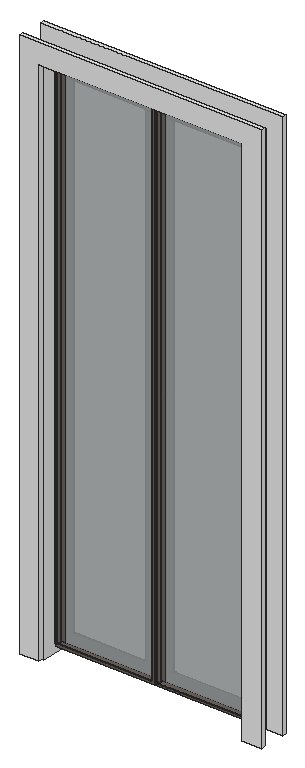
Revit family "Door_Pivot-Bifold_1Lite", category Doors, host Wall, Revit 2026
Family settings
  Host = Wall
  Classification Number = 23.30.10.17.17
  Always vertical = Yes
  Cut with Voids When Loaded = No
  Shared = No
  Room Calculation Point = No
Parameters (values of type "5401 Espresso")
  swingb = no
  swing = yes
  mirroredswingb = yes
  mirroredswing = no
  handlevisb = no
  handlevis = no
  Type Comments = "Confirm Opening Size Requirements"
  Standards Conformance = "Mirrored Doors conform to CGSB 12.5-M86 Type 3C and ANSI Z97.1-1984"
  Sound Transmission Class (STC) = 0
  Show Generic Cased Opening [instance] = yes
  RO Offset [instance] = 0' - 0 3/4"
  Panel Width [instance] = (Clear Opening Width) / 2  # 1' - 6"
  Panel Thickness = 0' - 1 3/16"
  Hardware = Metal - Chrome - Hardware
  Fold Width [instance] = (cos([3D Panel Swing Angle]) * Panel Width) * 2 + (0' 1 3/16" * sin([3D Panel Swing Angle])) * 2  # 3' - 0"
  Approx Panel Height [instance] = Clear Opening Height - 0' 0 3/4"  # 7' - 11 1/4"
  Minimum Width = 0' - 0"
  Maximum Width = 0' - 0"
  Locate Bottom Track Inset [instance] = 0' - 6 1/4"
  Generic Casing Finish [instance] = Metal - Renin - Steel White
  Function = Interior
  Frame Finish = Wood - Renin - Espresso
  Door Finish = Glass_Tempered_Frosted
  Door Design = Panel_1Lite : Panel_1Lite
  Clear Opening Width = 3' - 0"
  Clear Opening Height = 8' - 0"
  Warranty Duration (Years) = 0
  URL = "https://www.renin.com/"
  Thickness = 0' - 0"  # constant formula
  Test Data = ""
  Specification = ""
  SpecWizard = ""
  Send Message = ""
  Sales Information = "https://www.renin.com/contact-us/"
  Rough Width [instance] = (Clear Opening Width + (RO Offset * 2))  # 3' - 1 1/2"
  Rough Height [instance] = (Clear Opening Height + (RO Offset))  # 8' - 0 3/4"
  Product Properties = ""
  Product Data = "http://www.arcat.com/arcatcos/cos49/arc49687.html"
  Manufacturer Website = "https://www.renin.com/"
  Manufacturer Phone - Toll Free = ""
  Manufacturer Fax = "905-791-3813"
  Manufacturer Address = "110 Walker Dr.   Brampton, ON, Canada    L6T 4H6"
  Maintenance Schedule (Months) = 0
  Installation-Fabrication = ""
  Installation Phase = ""
  Green Building-LEED = ""
  Model = "5401 Espresso"
  Manufacturer = "Renin Corp"
  Keynote = "08 00 00"
  Height [instance] = 0' - 0"  # constant formula
  Wall Closure = By host
  Width [instance] = 0' - 0"  # constant formula
  Fire Rating = "As Specified"
  Expected Lifespan (Years) = 0
  Drawn By = "Sumex Design, Inc. / Robert S. Weygant, CSI, CDT, SCIP"  # constant formula
  Description = "Renin 2 Panel Steel Bifold Door - 4006 as Specified"
  Copyright = "©Arcat Inc. R1_2017-03"  # constant formula
  Construction Details = ""
  Building Codes = ""
  Available Options = ""
  Assembly Code = "C1020100"
  Analytic Construction = "<None>"
  Air Space Beneath Door [instance] = 0' - 1 1/4"
  AdjustFoldLocation [instance] = if([3D Panel Swing Angle] > 0.00°, 0' 0 3/8", 0' 0")  # 0' - 0"
  3D Panel Swing Angle [instance] = 0.00°
Types (2): name | Frame Finish | Model
  5401 Espresso | Wood - Renin - Espresso | "5401 Espresso"
  5401 Off-White | Metal - Renin - Off-White | "5401 Off-White"
Reference planes (in)
  plane 1 "Center (Front/Back)": y = -33.96225
  plane 2 "Center (Left/Right)": x = 34.28704
  plane 3: z = 0
  plane 4 "Right": x = 52.28704
  plane 5 "Left": x = 16.28704
  plane 6: z = 0
  plane 7 "Top of Frame": z = 96
  plane 8 "RO Top": z = 96.75
  plane 9 "RO Right": x = 53.03704
  plane 10 "RO Left": x = 15.53704
  plane 11 "EXT WALL FACE": y = -31.96225
  plane 12 "INT WALL FACE": y = -35.96225
  plane 13: z = 1.25
  plane 14: y = -32.21225
  plane 15: y = -32.39975
  plane 16: y = -25.96225
  plane 17: x = 16.28704
  plane 18: x = 52.28704
Forms (in)
  Sweep 1, solid, material "Metal - Renin - Steel White" <- "Generic Casing Finish", visible <- "Show Generic Cased Opening"
    path origin (0, -35.96225, 0) x (-1, 0, 0) y (0, 0, 1)
      loop
        line (-16.28704, 0) -> (-16.28704, 96) -> (-52.28704, 96) -> (-52.28704, 0)
    profile origin (16.28704, -35.96225, 48) x (1, 0, 0) y (0, 1, 0)
      loop
        line (0, 0) -> (0, 4) -> (-0.75, 4) -> (-0.75, 0) -> (0, 0)
  Sweep 2, solid, material "Metal - Renin - Steel White" <- "Generic Casing Finish", visible <- "Show Generic Cased Opening"
    path origin (0, -35.96225, 0) x (-1, 0, 0) y (0, 0, 1)
      loop
        line (-16.28704, 0) -> (-16.28704, 96) -> (-52.28704, 96) -> (-52.28704, 0)
    profile origin (16.28704, -35.96225, 48) x (1, 0, 0) y (0, 1, 0)
      loop
        line (-0.25, 4) -> (-0.25, 4.75) -> (-3.75, 4.75) -> (-3.75, 4) -> (-0.25, 4)
      loop
        line (-0.25, 0) -> (-3.75, 0) -> (-3.75, -0.75) -> (-0.25, -0.75) -> (-0.25, 0)
  Sweep 3, solid, material "Wood - Renin - Espresso" <- "Frame Finish"
    path origin (0, 0, 0) x (1, 0, 0) y (0, 1, 0)
      loop
        line (16.28704, -32.21225) -> (52.28704, -32.21225)
    profile origin (34.28704, -32.21225, 0) x (0, 1, 0) y (0, 0, 1)
      loop
        line (0, 96) -> (-1.0625, 96) -> (-1.0625, 95.6875)
        spline (-1.0625, 95.6875) -> (-1.0444, 95.63897) -> (-0.99133, 95.59375) -> (-0.9069, 95.55492) -> (-0.79687, 95.52512) -> (-0.66875, 95.50639) -> (-0.53125, 95.5) -> (-0.39375, 95.50639) -> (-0.26562, 95.52512) -> (-0.1556, 95.55492) -> (-0.07117, 95.59375) -> (-0.0181, 95.63897) -> (0, 95.6875)
        line (0, 95.6875) -> (0, 96)
Lines and regions (in)
  Opening 1
    outline origin (-109.33485, -35.96225, 0) x (1, 0, 0) y (0, 0, 1)
      loop
        line (124.87189, 0) -> (162.37189, 0) -> (162.37189, 96.75) -> (124.87189, 96.75) -> (124.87189, 0)
Text (in)
  text "Exterior" at (-73.77742, -16.66641, 0), in view "Plan"
  text "Interior" at (-73.77742, -50.14366, 0), in view "Plan"
  text "Exterior" at (0, -17.98638, 123.01588), in view "Right"
  text "Interior" at (0, -64.39139, 123.01588), in view "Right"
  text "Interior" at (0, -52.09468, 121.14095), in view "Left"
  text "Exterior" at (0, 26.35325, 123.00693), in view "Left"
Dimensions and locks (in)
  equal spacing: plane 4 "Right", plane 2 "Center (Left/Right)", plane 5 "Left"
  "Clear Opening Width": plane 5 "Left" to plane 4 "Right"
  "Clear Opening Height": level to plane 7 "Top of Frame"
  "RO Offset": plane 5 "Left" to plane 10 "RO Left"
  "RO Offset": plane 9 "RO Right" to plane 4 "Right"
  "RO Offset": plane 7 "Top of Frame" to plane 8 "RO Top"
  Sweep 2 sketch curve to plane 11 "EXT WALL FACE" to Sweep 2 sketch curve = 0' - 0 3/4" locked, 0' - 0" locked
  plane 12 "INT WALL FACE" to Sweep 2 sketch curve to Sweep 2 sketch curve = 0' - 0" locked, 0' - 0 3/4" locked
  Sweep 2 sketch curve to plane 10 "RO Left" to Sweep 2 sketch curve = 0' - 3" locked, 0' - 0 1/2" locked  (x2)
  "Air Space Beneath Door": plane 13 to level
  locked: plane 16 to plane 11 "EXT WALL FACE" at 6
  "Locate Bottom Track Inset": plane 16 to plane 14
  locked: plane 15 to plane 14 at 0.1875
  "AdjustFoldLocation": plane 5 "Left" to plane 17
  "Fold Width": plane 17 to plane 18
  plane 7 "Top of Frame" to Sweep 3 sketch curve to Sweep 3 sketch curve = 0' - 0 5/16" locked, 0' - 0" locked
  aligned and locked: host wall to plane 1 "Center (Front/Back)"
  aligned and locked: Opening 1 sketch curve to level
  aligned and locked: plane 9 "RO Right" to Opening 1 sketch curve
  aligned and locked: Opening 1 sketch curve to plane 8 "RO Top"
  aligned and locked: plane 10 "RO Left" to Opening 1 sketch curve
  aligned and locked: plane 12 "INT WALL FACE" to host wall
  aligned and locked: host wall to plane 11 "EXT WALL FACE"
  aligned and locked: plane 4 "Right" to Sweep 1 sketch curve
  aligned and locked: Sweep 1 sketch curve to plane 5 "Left"
  aligned and locked: Sweep 1 sketch curve to plane 7 "Top of Frame"
  aligned and locked: Sweep 1 sketch curve to plane 11 "EXT WALL FACE"
  aligned and locked: plane 12 "INT WALL FACE" to Sweep 1 sketch curve
  aligned and locked: plane 10 "RO Left" to Sweep 1 sketch curve
  aligned and locked: plane 5 "Left" to Sweep 1 sketch curve
  aligned and locked: plane 5 "Left" to Sweep 2 sketch curve
  aligned and locked: plane 7 "Top of Frame" to Sweep 2 sketch curve
  aligned and locked: Sweep 2 sketch curve to plane 4 "Right"
  aligned and locked: Sweep 3 sketch curve to plane 14
  aligned and locked: plane 4 "Right" to Sweep 3 sketch curve
  aligned and locked: plane 5 "Left" to Sweep 3 sketch curve
  aligned and locked: plane 15 to nested 1
  aligned and locked: nested 1 to plane 17
  aligned and locked: nested 2 to plane 15
  aligned and locked: plane 18 to nested 2
  aligned and locked: Sweep 3 sketch curve to plane 7 "Top of Frame"
Automatic sketch dimensions
  Sweep 1 sketch curve to level = 0' - 0"  (x2)
  Sweep 2 sketch curve to level = 0' - 0"  (x2)
  profile plane to Sweep 3 sketch curve = 0' - 1 1/16"
  Sweep 3 sketch curve to profile plane = 0' - 0"
Nested families (in)
  nested 1: "Panel_1Lite" at (16.28704, -32.39975, 0), Panel Width <- "Panel Width", Panel Rotation <- "3D Panel Swing Angle", Panel Finish <- "Door Finish", Frame Finish <- "Frame Finish", Air Space Under Panel <- "Air Space Beneath Door", Opening Height <- "Approx Panel Height", type <- "Door Design", Handle Visible <- "handlevis", Mirrored Swing Lines <- "mirroredswing", Swing Lines <- "swing", Hardware Material <- "Hardware", type "Panel_1Lite"
    with negpanelwidth -1' - 6", Swing Lines yes, Right Knob no, Panel Width 1' - 6", Panel Rotation 0.00°, Panel Height 7' - 0", Panel Finish Glass_Tempered_Frosted, Opening Height 7' - 11 1/4", Mirrored Swing Lines no, Left Knob yes, Hardware Material Metal - Chrome - Hardware, Handle Visible no, Frame Finish Wood - Renin - Espresso, Air Space Under Panel 0' - 1 1/4"
  nested 2: "Panel_1Lite" at (52.28704, -32.39975, 0) x (-1, 0, 0) z (0, 0, 1), Panel Width <- "Panel Width", Panel Rotation <- "3D Panel Swing Angle", Panel Finish <- "Door Finish", Frame Finish <- "Frame Finish", Air Space Under Panel <- "Air Space Beneath Door", Opening Height <- "Approx Panel Height", type <- "Door Design", Swing Lines <- "swingb", Mirrored Swing Lines <- "mirroredswingb", Handle Visible <- "handlevisb", Hardware Material <- "Hardware", type "Panel_1Lite"
    with negpanelwidth -1' - 6", Swing Lines no, Right Knob no, Panel Width 1' - 6", Panel Rotation 0.00°, Panel Height 7' - 0", Panel Finish Glass_Tempered_Frosted, Opening Height 7' - 11 1/4", Mirrored Swing Lines yes, Left Knob yes, Hardware Material Metal - Chrome - Hardware, Handle Visible no, Frame Finish Wood - Renin - Espresso, Air Space Under Panel 0' - 1 1/4"
Definition of nested family "Panel_1Lite"
  Parameters (values of type "Panel_1Lite")
    negpanelwidth [instance] = -(Panel Width)  # -1' - 8"
    Swing Lines [instance] = yes
    Right Knob [instance] = yes
    Panel Width [instance] = 1' - 8"
    Panel Thickness = 0' - 1 3/16"
    Panel Rotation [instance] = 0.00°
    Panel Height [instance] = 7' - 0"
    Panel Finish [instance] = none
    Opening Height [instance] = 7' - 0"
    Mirrored Swing Lines [instance] = yes
    Left Knob [instance] = yes
    Hardware Material [instance] = none
    Handle Visible [instance] = yes
    Default Elevation = 0' - 0"  # constant formula
    Frame Finish [instance] = none
    Analytic Construction = "<None>"
    Air Space Under Panel [instance] = 0' - 0 7/16"
  Reference planes (in)
    plane 1 "Center (Front/Back)": y = 0
    plane 2: z = 0
    plane 3 "Center (Left/Right)": x = 0
    plane 4: x = 20
    plane 5: z = 0.4375
    plane 6: z = 84
    plane 7 "Center": z = 42.21875
    plane 8: x = 18.75
    plane 9: x = 1.25
  Forms (in)
    Sweep 1, solid, material <- "Frame Finish"
      path origin (0, 0, 0) x (1, 0, 0) y (0, 0, 1)
        loop
          line (0, 84) -> (0, 0.4375)
      profile origin (0, 0, 42.21875) x (0, -1, 0) y (1, 0, 0)
        loop
          line (1.1875, 0.375) -> (1.12347, 0.375) -> (1.12347, 0.0625) -> (0.8125, 0.0625) -> (0.8125, 0.8125) -> (0.77185, 0.8125) -> (0.77185, 0.0625) -> (0.22049, 0.0625) -> (0.22049, 1.1875) -> (0.17289, 1.1875) -> (0.17289, 0.0625) -> (0.04789, 0.0625) -> (0.04789, 2.5) -> (0, 2.5) -> (0, 0) -> (1.1875, 0) -> (1.1875, 0.375)
    Extrusion 2, solid, material <- "Panel Finish"
      sketch origin (0, 0, 0) x (1, 0, 0) y (0, 0, 1)
        loop
          line (0.0625, 84) -> (0.0625, 0.4375) -> (19.9375, 0.4375) -> (19.9375, 84) -> (0.0625, 84)
      from 0.04789 to 0.17289
    Extrusion 3, solid, material <- "Frame Finish"
      sketch origin (0, 0, 0) x (0, 0, 1) y (0, 1, 0)
        loop
          line (0.81688, -0.04789) -> (2.9375, -0.04789) -> (2.9375, 0) -> (0.4375, 0) -> (0.4375, -1.1875) -> (0.79316, -1.1875) -> (0.92082, -1.15329) -> (0.92082, -0.23262) -> (0.81688, -0.17289) -> (0.81688, -0.04789)
      from 0 to -20 <- "negpanelwidth"
    Extrusion 4, solid, material <- "Frame Finish"
      sketch origin (0, 0, 0) x (0, 0, 1) y (0, 1, 0)
        loop
          line (83.64434, -1.1875) -> (84, -1.1875) -> (84, 0) -> (81.5, 0) -> (81.5, -0.04789) -> (83.62062, -0.04789) -> (83.62062, -0.17289) -> (83.51668, -0.23262) -> (83.51668, -1.15329) -> (83.64434, -1.1875)
      from 0 to -20 <- "negpanelwidth"
    Sweep 5, solid, material <- "Frame Finish"
      path origin (0, 0, 0) x (1, 0, 0) y (0, 0, 1)
        loop
          line (20, 84) -> (20, 0.4375)
      profile origin (20, 0, 42.21875) x (0, -1, 0) y (1, 0, 0)
        loop
          line (0, 0) -> (0, -2.5) -> (0.04789, -2.5) -> (0.04789, -0.0625) -> (0.17289, -0.0625) -> (0.17289, -1.1875) -> (0.22049, -1.1875) -> (0.22049, -0.0625) -> (0.77185, -0.0625) -> (0.77185, -0.8125) -> (0.8125, -0.8125) -> (0.8125, -0.0625) -> (1.12347, -0.0625) -> (1.12347, -0.375) -> (1.1875, -0.375) -> (1.1875, 0) -> (0, 0)
    Revolve 6, solid, material <- "Hardware Material", visible <- "Right Knob"
      sketch origin (0, 0, 42.21875) x (-1, 0, 0) y (0, -1, 0)
        loop
          line (-1.25, 0) -> (-1.25, -0.49342)
          arc (-1.25, -0.49342) -> (-1.01466, -0.43196) -> (-0.84991, -0.25303) r 0.4317
          line (-0.84991, -0.25303) -> (-1.04536, -0.25303)
          arc (-1.04536, -0.25303) -> (-1.05473, -0.12077) -> (-1, 0) r 0.26994
          line (-1, 0) -> (-1.25, 0)
        axis (-1.25, -0.49342) -> (-1.25, 0)
      angle from 0 to 360
    Revolve 7, solid, material <- "Hardware Material", visible <- "Left Knob"
      sketch origin (17.5, 0, 42.21875) x (-1, 0, 0) y (0, -1, 0)
        loop
          line (-1.25, 0) -> (-1.25, -0.49342)
          arc (-1.25, -0.49342) -> (-1.01466, -0.43196) -> (-0.84991, -0.25303) r 0.4317
          line (-0.84991, -0.25303) -> (-1.04536, -0.25303)
          arc (-1.04536, -0.25303) -> (-1.05473, -0.12077) -> (-1, 0) r 0.26994
          line (-1, 0) -> (-1.25, 0)
        axis (-1.25, -0.49342) -> (-1.25, 0)
      angle from 0 to 360
  Cuts and joins
    joined: Sweep 1, Extrusion 3, Sweep 5
  Lines and regions (in)
    reference lines
      curve 1: line (0, 0, 0) -> (20, 0, 0)
      curve 2: line (20, 0, 0) -> (20, 0, 3.5)
    model lines, visible <- "Swing Lines"
      curve 3: line (19.93686, -0.04789, 83.5) -> (0.0625, -0.04789, 42.21875)
      curve 4: line (0.0625, -0.04789, 42.21875) -> (19.9375, -0.04789, 0.9375)
    model lines, visible <- "Mirrored Swing Lines"
      curve 5: line (0.0625, -0.04789, 83.5) -> (19.93686, -0.04789, 42.21875)
      curve 6: line (19.93686, -0.04789, 42.21875) -> (0.06186, -0.04789, 0.9375)
  Dimensions and locks (in)
    "Panel Width": plane 3 "Center (Left/Right)" to plane 4
    "Air Space Under Panel": plane 5 to level
    "Opening Height": plane 6 to level
    "Panel Width": curve 1 to curve 1
    locked: curve 2 to Extrusion 2 sketch curve at 0.0625
    locked: Extrusion 2 sketch curve to curve 1 at 0.0625
    equal spacing: plane 6, plane 7 "Center", plane 5
    locked: curve 2 to curve 6 at 0.06314
    locked: plane 8 to plane 4 at 1.25
    locked: plane 9 to plane 3 "Center (Left/Right)" at 1.25
    "Panel Rotation": angle plane 1 "Center (Front/Back)" to curve 1
    aligned and locked: plane 2 to level
    aligned and locked: plane 5 to Sweep 1 sketch curve
    aligned and locked: plane 6 to Sweep 1 sketch curve
    aligned and locked: Extrusion 2 sketch curve to plane 6
    aligned and locked: plane 5 to Extrusion 2 sketch curve
    aligned and locked: plane 3 "Center (Left/Right)" to curve 1
    aligned and locked: plane 1 "Center (Front/Back)" to curve 1
    aligned and locked: plane 5 to Sweep 5 sketch curve
    aligned and locked: plane 6 to Sweep 5 sketch curve
    aligned and locked: Sweep 5 sketch curve to curve 2
    aligned and locked: Extrusion 4 to curve 1
    aligned and locked: plane 7 "Center" to curve 3
    aligned and locked: plane 7 "Center" to curve 5
    aligned and locked: Revolve 7 sketch curve to plane 8  (x2)
  Automatic sketch dimensions
    Sweep 1 sketch curve to curve 1 = 0' - 0"
    Sweep 1 sketch curve to profile plane = 0' - 0"
    profile plane to Sweep 1 sketch curve = 0' - 0"
    profile plane to Sweep 1 sketch curve = 0' - 0.04789"
    Sweep 1 sketch curve to profile plane = 0' - 0 1/16"  (x2)
    Sweep 1 sketch curve to Sweep 1 sketch curve = 0' - 0 1/8"
    Sweep 1 sketch curve to Sweep 1 sketch curve = 0' - 0.0476"
    Sweep 1 sketch curve to Sweep 1 sketch curve = 0' - 0.55135"
    Sweep 1 sketch curve to Sweep 1 sketch curve = 0' - 0.04065"
    Sweep 1 sketch curve to Sweep 1 sketch curve = 0' - 0.31097"
    Sweep 1 sketch curve to Sweep 1 sketch curve = 0' - 0.06403"
    Sweep 1 sketch curve to Sweep 1 sketch curve = 0' - 0"
    Sweep 1 sketch curve to Sweep 1 sketch curve = 0' - 0 5/16"
    Sweep 1 sketch curve to Sweep 1 sketch curve = 0' - 0 7/16"
    Sweep 1 sketch curve to Sweep 1 sketch curve = 0' - 0 3/8"
    Sweep 1 sketch curve to Sweep 1 sketch curve = 0' - 1 5/16"
    Extrusion 3 sketch curve to plane 5 = 0' - 0"
    Extrusion 3 sketch curve to plane 1 "Center (Front/Back)" = 0' - 0"
    Extrusion 3 sketch curve to Extrusion 3 sketch curve = 0' - 0.35566"
    plane 1 "Center (Front/Back)" to Extrusion 3 sketch curve = 0' - 0.04789"
    plane 5 to Extrusion 3 sketch curve = 0' - 0.37938"
    Extrusion 3 sketch curve to Extrusion 3 sketch curve = 0' - 0.12766"
    Extrusion 3 sketch curve to Extrusion 3 sketch curve = 0' - 2.01668"
    Extrusion 3 sketch curve to Extrusion 3 sketch curve = 0' - 0 1/8"
    Extrusion 3 sketch curve to Extrusion 3 sketch curve = 0' - 0.05973"
    Extrusion 3 sketch curve to Extrusion 3 sketch curve = 0' - 0.92068"
    Extrusion 3 sketch curve to Extrusion 3 sketch curve = 0' - 0.03421"
    Extrusion 4 sketch curve to plane 1 "Center (Front/Back)" = 0' - 0"
    Extrusion 4 sketch curve to plane 6 = 0' - 0"
    Extrusion 4 sketch curve to Extrusion 4 sketch curve = 0' - 0.35566"
    plane 1 "Center (Front/Back)" to Extrusion 4 sketch curve = 0' - 0.04789"
    Extrusion 4 sketch curve to plane 6 = 0' - 0.37938"
    Extrusion 4 sketch curve to Extrusion 4 sketch curve = 0' - 0.12766"
    Extrusion 4 sketch curve to Extrusion 4 sketch curve = 0' - 2.01668"
    Extrusion 4 sketch curve to Extrusion 4 sketch curve = 0' - 0 1/8"
    Extrusion 4 sketch curve to Extrusion 4 sketch curve = 0' - 0.05973"
    Extrusion 4 sketch curve to Extrusion 4 sketch curve = 0' - 0.92068"
    Extrusion 4 sketch curve to Extrusion 4 sketch curve = 0' - 0.03421"
    curve 2 to curve 1 = 0' - 0"  (x2)
    curve 1 to curve 2 = 0' - 3 1/2"
    Sweep 5 sketch curve to profile plane = 0' - 0"
    profile plane to Sweep 5 sketch curve = 0' - 0"
    Sweep 5 sketch curve to Sweep 5 sketch curve = 0' - 0.04789"
    profile plane to Sweep 5 sketch curve = 0' - 0 1/16"  (x2)
    Sweep 5 sketch curve to Sweep 5 sketch curve = 0' - 0 1/8"
    Sweep 5 sketch curve to Sweep 5 sketch curve = 0' - 0.0476"
    Sweep 5 sketch curve to Sweep 5 sketch curve = 0' - 0.55135"
    Sweep 5 sketch curve to Sweep 5 sketch curve = 0' - 0.04065"
    Sweep 5 sketch curve to Sweep 5 sketch curve = 0' - 0.31097"
    Sweep 5 sketch curve to Sweep 5 sketch curve = 0' - 0.06403"
    Sweep 5 sketch curve to Sweep 5 sketch curve = 0' - 0"
    Sweep 5 sketch curve to Sweep 5 sketch curve = 0' - 0 5/16"
    Sweep 5 sketch curve to Sweep 5 sketch curve = 0' - 0 7/16"
    Sweep 5 sketch curve to Sweep 5 sketch curve = 0' - 0 3/8"
    Sweep 5 sketch curve to Sweep 5 sketch curve = 0' - 1 5/16"
    curve 4 to Extrusion 2 = 0' - 0"
    curve 5 to Extrusion 2 = 0' - 0"
    Extrusion 2 to curve 4 = 0' - 0"
    curve 6 to Extrusion 2 = 0' - 0.00064"
    Extrusion 2 to curve 3 = 0' - 0.00064"
    Extrusion 2 to curve 6 = 0' - 0 1/2"
    Extrusion 2 to curve 4 = 0' - 0 1/2"
    Extrusion 2 to curve 5 = 0' - 0 1/2"
    Extrusion 2 to curve 3 = 0' - 0 1/2"
    Revolve 6 sketch curve to plane 9 = 0' - 0"  (x2)
    plane 1 "Center (Front/Back)" to Revolve 6 sketch curve = 0' - 0"
    plane 9 to Revolve 6 sketch curve = 0' - 0.013"
    plane 9 to Revolve 6 sketch curve = 0' - 0.20464"
    Revolve 6 sketch curve to Revolve 6 sketch curve = 0' - 0.237"
    Revolve 6 sketch curve to Revolve 6 sketch curve = 0' - 0.19545"
    Revolve 6 sketch curve to Revolve 6 sketch curve = 0' - 0.06088"
    Revolve 6 sketch curve to plane 1 "Center (Front/Back)" = 0' - 0.06192"
    Revolve 6 sketch curve to plane 1 "Center (Front/Back)" = 0' - 0.1684"
    Revolve 6 sketch curve to Revolve 6 sketch curve = 0' - 0.08063"
    Revolve 6 sketch curve to Revolve 6 sketch curve = 0' - 0.23262"
    plane 1 "Center (Front/Back)" to Revolve 7 sketch curve = 0' - 0"
    Revolve 7 sketch curve to plane 8 = 0' - 0.013"
    Revolve 7 sketch curve to plane 8 = 0' - 0.20464"
    Revolve 7 sketch curve to Revolve 7 sketch curve = 0' - 0.237"
    Revolve 7 sketch curve to Revolve 7 sketch curve = 0' - 0.19545"
    Revolve 7 sketch curve to Revolve 7 sketch curve = 0' - 0.06088"
    Revolve 7 sketch curve to plane 1 "Center (Front/Back)" = 0' - 0.06192"
    Revolve 7 sketch curve to plane 1 "Center (Front/Back)" = 0' - 0.1684"
    Revolve 7 sketch curve to Revolve 7 sketch curve = 0' - 0.08063"
    Revolve 7 sketch curve to Revolve 7 sketch curve = 0' - 0.23262"
